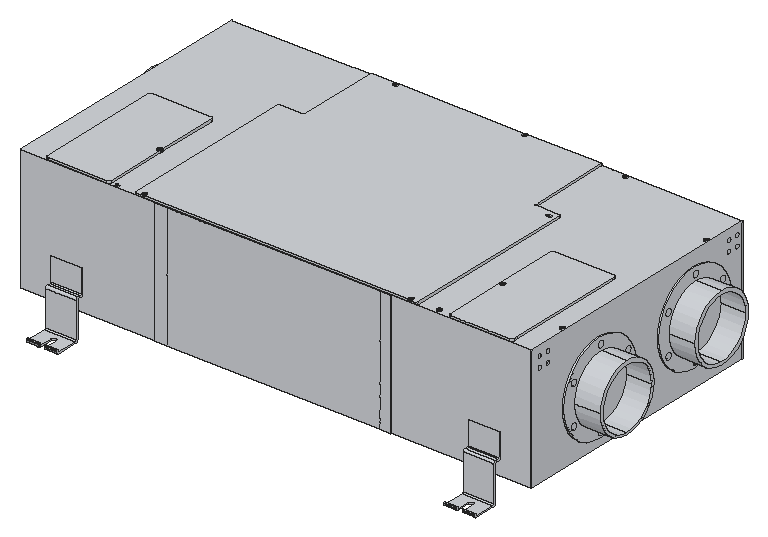
Revit family "VCR 180 MC", category Mechanical Equipment, Revit 2019
Family settings
  Round Connector Dimension = Use Diameter
  Part Type = Normal
  OmniClass Number = 23.75.00.00
  OmniClass Title = Climate Control (HVAC)
  Work Plane-Based = No
  Always vertical = Yes
  Cut with Voids When Loaded = No
  Shared = No
  Room Calculation Point = No
Reference planes
  plane 1 "Center (Front/Back)": y = 0
  plane 2: z = 0
  plane 3 "Center (Left/Right)": x = 0
  plane 4: y = 160.213
Forms (mm)
  Extrusion 1, solid
    sketch origin (0, 0, 0) x (1, 0, 0) y (0, 1, 0)
      loop
        line (346.564, 248.745) -> (346.564, 130.691)
        arc (346.564, 130.691) -> (346.831, 130.01) -> (347.491, 129.695) r 0.996
        arc (347.491, 129.695) -> (348.912, 130.933) -> (350.744, 131.378) r 3.978
        arc (350.744, 131.378) -> (353.562, 130.218) -> (354.733, 127.404) r 3.98
        arc (354.733, 127.404) -> (353.56, 124.592) -> (350.744, 123.43) r 3.985
        arc (350.744, 123.43) -> (348.909, 123.879) -> (347.487, 125.123) r 3.983
        arc (347.487, 125.123) -> (346.83, 124.803) -> (346.564, 124.123) r 1.003
        line (346.564, 124.123) -> (346.564, 6.069)
        arc (346.564, 6.069) -> (348.019, 2.552) -> (351.535, 1.094) r 4.971
        line (351.535, 1.094) -> (465.252, 1.094)
        arc (465.252, 1.094) -> (468.769, 2.552) -> (470.226, 6.069) r 4.977
        line (470.226, 6.069) -> (470.226, 12.535) -> (470.226, 242.279) -> (470.226, 248.745)
        arc (470.226, 248.745) -> (468.769, 252.26) -> (465.255, 253.717) r 4.974
        line (465.255, 253.717) -> (351.531, 253.717)
        arc (351.531, 253.717) -> (348.017, 252.261) -> (346.564, 248.745) r 4.964
      loop
        circle (350.753, 127.398) r 3.779
    from 240 to 243.725
  Extrusion 2, solid
    sketch origin (34.723, 0, 0) x (-1, 0, 0) y (0, -1, 0)
      loop
        arc (346.564, -248.745) -> (348.017, -252.261) -> (351.531, -253.717) r 4.964
        line (351.531, -253.717) -> (465.255, -253.717)
        arc (465.255, -253.717) -> (468.769, -252.26) -> (470.226, -248.745) r 4.974
        line (470.226, -248.745) -> (470.226, -242.279) -> (470.226, -12.535) -> (470.226, -6.069)
        arc (470.226, -6.069) -> (468.769, -2.552) -> (465.252, -1.094) r 4.977
        line (465.252, -1.094) -> (351.535, -1.094)
        arc (351.535, -1.094) -> (348.019, -2.552) -> (346.564, -6.069) r 4.971
        line (346.564, -6.069) -> (346.564, -124.123)
        arc (346.564, -124.123) -> (346.83, -124.803) -> (347.487, -125.123) r 1.003
        arc (347.487, -125.123) -> (348.909, -123.879) -> (350.744, -123.43) r 3.983
        arc (350.744, -123.43) -> (353.56, -124.592) -> (354.733, -127.404) r 3.985
        arc (354.733, -127.404) -> (353.562, -130.218) -> (350.744, -131.378) r 3.98
        arc (350.744, -131.378) -> (348.912, -130.933) -> (347.491, -129.695) r 3.978
        arc (347.491, -129.695) -> (346.831, -130.01) -> (346.564, -130.691) r 0.996
        line (346.564, -130.691) -> (346.564, -248.745)
      loop
        circle (350.753, -127.398) r 3.779
    from 240 to 243.725
  Extrusion 3, solid
    sketch origin (0, 0, 0) x (1, 0, 0) y (0, 1, 0)
      loop
        arc (-482.614, 512.204) -> (-483.734, 511.737) -> (-484.194, 510.614) r 1.581
        line (-484.194, 510.614) -> (-484.194, 0.458)
        arc (-484.194, 0.458) -> (-483.683, -0.573) -> (-482.61, -0.99) r 1.584
        line (-482.61, -0.99) -> (-220.836, -0.99) -> (-220.843, -1.79) -> (-198.956, -1.79) -> (214.773, -1.79) -> (236.664, -1.79) -> (236.664, -0.99) -> (507.389, -0.99)
        arc (507.389, -0.99) -> (508.51, -0.527) -> (508.973, 0.594) r 1.58
        line (508.973, 0.594) -> (508.973, 510.613)
        arc (508.973, 510.613) -> (508.508, 511.74) -> (507.381, 512.205) r 1.586
        line (507.381, 512.205) -> (256.557, 512.205) -> (256.548, 513.003) -> (184.368, 513.003) -> (168.345, 513.003) -> (132.4, 513.003) -> (132.4, 512.205) -> (112.506, 512.205) -> (112.506, 513.004) -> (-245.702, 513.004) -> (-245.702, 512.204) -> (-482.614, 512.204)
    from 0 to 240
  Extrusion 4, solid
    sketch origin (0, 0, 0) x (1, 0, 0) y (0, 1, 0)
      loop
        line (-211.389, 509.221) -> (-211.389, 349.998)
        arc (-211.389, 349.998) -> (-212.006, 348.651) -> (-213.381, 348.102) r 1.992
        line (-213.381, 348.102) -> (-259.127, 348.102)
        arc (-259.127, 348.102) -> (-260.536, 347.518) -> (-261.117, 346.108) r 1.991
        line (-261.117, 346.108) -> (-261.117, 1.99)
        arc (-261.117, 1.99) -> (-260.535, 0.583) -> (-259.127, 0) r 1.99
        line (-259.127, 0) -> (-249.482, 0)
        arc (-249.482, 0) -> (-248.713, 0.362) -> (-248.506, 1.188) r 0.992
        arc (-248.506, 1.188) -> (-249.736, 2.604) -> (-250.178, 4.428) r 3.971
        arc (-250.178, 4.428) -> (-249.014, 7.237) -> (-246.205, 8.401) r 3.976
        arc (-246.205, 8.401) -> (-243.386, 7.241) -> (-242.215, 4.428) r 3.98
        arc (-242.215, 4.428) -> (-242.659, 2.603) -> (-243.891, 1.186) r 3.975
        arc (-243.891, 1.186) -> (-243.686, 0.365) -> (-242.92, 0.002) r 0.99
        line (-242.92, 0.002) -> (267.746, 0)
        arc (267.746, 0) -> (268.5, 0.353) -> (268.72, 1.155) r 0.993
        arc (268.72, 1.155) -> (267.455, 2.579) -> (266.996, 4.428) r 3.98
        arc (266.996, 4.428) -> (268.168, 7.24) -> (270.985, 8.401) r 3.985
        arc (270.985, 8.401) -> (273.797, 7.238) -> (274.967, 4.428) r 3.983
        arc (274.967, 4.428) -> (274.503, 2.569) -> (273.225, 1.142) r 3.978
        arc (273.225, 1.142) -> (273.454, 0.345) -> (274.209, 0) r 0.993
        line (274.209, 0) -> (283.901, 0)
        arc (283.901, 0) -> (285.313, 0.581) -> (285.9, 1.991) r 1.995
        line (285.9, 1.991) -> (285.9, 346.115)
        arc (285.9, 346.115) -> (285.316, 347.52) -> (283.909, 348.102) r 1.991
        line (283.909, 348.102) -> (238.156, 348.102)
        arc (238.156, 348.102) -> (236.751, 348.685) -> (236.169, 350.09) r 1.986
        line (236.169, 350.09) -> (236.169, 509.221)
        arc (236.169, 509.221) -> (235.586, 510.629) -> (234.177, 511.21) r 1.987
        line (234.177, 511.21) -> (91.756, 511.21) -> (91.756, 510.388)
        arc (91.756, 510.388) -> (93.004, 508.968) -> (93.454, 507.131) r 3.975
        arc (93.454, 507.131) -> (92.283, 504.318) -> (89.465, 503.157) r 3.98
        arc (89.465, 503.157) -> (86.656, 504.322) -> (85.491, 507.131) r 3.976
        arc (85.491, 507.131) -> (85.938, 508.963) -> (87.179, 510.383) r 3.971
        line (87.179, 510.383) -> (87.179, 511.21) -> (-158.876, 511.21) -> (-158.876, 510.387)
        arc (-158.876, 510.387) -> (-157.63, 508.966) -> (-157.18, 507.131) r 3.975
        arc (-157.18, 507.131) -> (-158.351, 504.318) -> (-161.169, 503.157) r 3.98
        arc (-161.169, 503.157) -> (-163.978, 504.322) -> (-165.143, 507.131) r 3.976
        arc (-165.143, 507.131) -> (-164.695, 508.965) -> (-163.452, 510.385) r 3.971
        line (-163.452, 510.385) -> (-163.452, 511.21) -> (-209.402, 511.21)
        arc (-209.402, 511.21) -> (-210.808, 510.627) -> (-211.389, 509.221) r 1.987
      loop
        arc (274.75, 4.428) -> (273.649, 7.093) -> (270.986, 8.2) r 3.769
        arc (270.986, 8.2) -> (268.312, 7.099) -> (267.206, 4.428) r 3.768
        arc (267.206, 4.428) -> (268.312, 1.757) -> (270.986, 0.656) r 3.768
        arc (270.986, 0.656) -> (273.649, 1.763) -> (274.75, 4.428) r 3.769
      loop
        arc (270.63, 3.393) -> (270.198, 3.623) -> (269.859, 3.974) r 1.565
        line (269.859, 3.974) -> (268.834, 3.974) -> (268.834, 4.774) -> (269.96, 4.774)
        arc (269.96, 4.774) -> (270.158, 5.248) -> (270.49, 5.64) r 1.681
        line (270.49, 5.64) -> (270.49, 6.567) -> (271.327, 6.567) -> (271.327, 5.441)
        arc (271.327, 5.441) -> (271.733, 5.183) -> (271.987, 4.774) r 1.082
        line (271.987, 4.774) -> (273.115, 4.774) -> (273.115, 3.974) -> (272.142, 3.974)
        arc (272.142, 3.974) -> (271.862, 3.58) -> (271.468, 3.3) r 1.45
        line (271.468, 3.3) -> (271.468, 2.288) -> (270.63, 2.288) -> (270.63, 3.292)
      loop
        arc (-246.198, 8.2) -> (-248.867, 7.097) -> (-249.97, 4.428) r 3.766
        arc (-249.97, 4.428) -> (-248.867, 1.759) -> (-246.198, 0.656) r 3.766
        arc (-246.198, 0.656) -> (-243.531, 1.76) -> (-242.426, 4.428) r 3.771
        arc (-242.426, 4.428) -> (-243.531, 7.095) -> (-246.198, 8.2) r 3.771
      loop
        line (-248.339, 4.901) -> (-248.339, 4.078) -> (-247.211, 4.078)
        arc (-247.211, 4.078) -> (-246.956, 3.669) -> (-246.548, 3.413) r 1.076
        line (-246.548, 3.413) -> (-246.548, 2.288) -> (-245.732, 2.288) -> (-245.732, 3.315)
        arc (-245.732, 3.315) -> (-245.426, 3.613) -> (-245.239, 3.997) r 1.246
        line (-245.239, 3.997) -> (-244.062, 3.997) -> (-244.062, 4.813) -> (-245.201, 4.813)
        arc (-245.201, 4.813) -> (-245.416, 5.156) -> (-245.741, 5.397) r 1.085
        line (-245.741, 5.397) -> (-245.741, 6.567) -> (-246.548, 6.567) -> (-246.548, 5.44)
        arc (-246.548, 5.44) -> (-246.905, 5.231) -> (-247.155, 4.901) r 1.064
        line (-247.155, 4.901) -> (-248.339, 4.901)
      loop
        arc (-157.392, 507.131) -> (-158.496, 509.799) -> (-161.164, 510.903) r 3.771
        arc (-161.164, 510.903) -> (-163.833, 509.8) -> (-164.936, 507.131) r 3.766
        arc (-164.936, 507.131) -> (-163.831, 504.464) -> (-161.164, 503.359) r 3.771
        arc (-161.164, 503.359) -> (-158.498, 504.465) -> (-157.392, 507.131) r 3.776
      loop
        line (-163.3, 507.484) -> (-163.3, 506.668) -> (-162.12, 506.668)
        arc (-162.12, 506.668) -> (-161.864, 506.34) -> (-161.51, 506.122) r 1.163
        line (-161.51, 506.122) -> (-161.513, 504.999) -> (-160.732, 504.999) -> (-160.732, 506.025)
        arc (-160.732, 506.025) -> (-160.335, 506.294) -> (-160.067, 506.691) r 1.266
        line (-160.067, 506.691) -> (-159.024, 506.691) -> (-159.024, 507.48) -> (-160.15, 507.48)
        arc (-160.15, 507.48) -> (-160.368, 507.829) -> (-160.69, 508.085) r 1.218
        line (-160.69, 508.085) -> (-160.69, 509.269) -> (-161.51, 509.269) -> (-161.51, 508.146)
        arc (-161.51, 508.146) -> (-161.909, 507.88) -> (-162.175, 507.48) r 1.214
        line (-162.175, 507.48) -> (-163.3, 507.484)
      loop
        arc (93.239, 507.131) -> (92.138, 509.796) -> (89.475, 510.903) r 3.769
        arc (89.475, 510.903) -> (86.802, 509.802) -> (85.696, 507.131) r 3.768
        arc (85.696, 507.131) -> (86.803, 504.462) -> (89.475, 503.359) r 3.773
        arc (89.475, 503.359) -> (92.137, 504.467) -> (93.239, 507.131) r 3.774
      loop
        arc (88.459, 506.785) -> (88.654, 506.315) -> (89.124, 506.12) r 0.665
        line (89.124, 506.12) -> (89.109, 504.828) -> (89.975, 504.828) -> (89.975, 506.049)
        arc (89.975, 506.049) -> (90.324, 506.295) -> (90.57, 506.644) r 1.258
        line (90.57, 506.644) -> (91.604, 506.644) -> (91.604, 507.48) -> (90.553, 507.48)
        arc (90.553, 507.48) -> (90.279, 507.802) -> (89.957, 508.076) r 2.596
        line (89.957, 508.076) -> (89.957, 509.27) -> (89.124, 509.27) -> (89.124, 508.143)
        arc (89.124, 508.143) -> (88.771, 507.944) -> (88.519, 507.626) r 1.064
        line (88.519, 507.626) -> (87.194, 507.626) -> (87.194, 506.785) -> (88.459, 506.785)
    from 240 to 243.725
  Extrusion 5, solid
    sketch origin (0, 0, 0) x (0, 1, 0) y (0, 0, 1)
      loop
        line (-10.498, 27.821) -> (-3.644, 27.824)
        arc (-3.644, 27.824) -> (-0.833, 28.987) -> (0.33, 31.798) r 3.971
        line (0.33, 31.798) -> (0.33, 76.56) -> (-1.649, 76.56) -> (-1.649, 31.804)
        arc (-1.649, 31.804) -> (-2.168, 30.41) -> (-3.535, 29.824) r 1.889
        line (-3.535, 29.824) -> (-10.605, 29.816)
        arc (-10.605, 29.816) -> (-13.415, 28.651) -> (-14.58, 25.842) r 3.977
        line (-14.58, 25.842) -> (-14.586, -43.284)
        arc (-14.586, -43.284) -> (-15.167, -44.69) -> (-16.572, -45.272) r 1.986
        line (-16.572, -45.272) -> (-57.348, -45.272)
        arc (-57.348, -45.272) -> (-58.752, -44.688) -> (-59.333, -43.287) r 1.982
        line (-59.333, -43.287) -> (-59.336, -40.799) -> (-61.327, -40.8) -> (-61.327, -43.288)
        arc (-61.327, -43.288) -> (-60.163, -46.099) -> (-57.351, -47.264) r 3.976
        line (-57.351, -47.264) -> (-16.571, -47.264)
        arc (-16.571, -47.264) -> (-13.758, -46.098) -> (-12.595, -43.284) r 3.976
        line (-12.595, -43.284) -> (-12.595, 25.837)
        arc (-12.595, 25.837) -> (-11.973, 27.281) -> (-10.498, 27.821) r 1.986
    from 387.736 to 447.411
  Extrusion 6, solid
    sketch origin (0, 511.214, 0) x (0, -1, 0) y (0, 0, -1)
      loop
        arc (-10.498, -27.821) -> (-11.973, -27.281) -> (-12.595, -25.837) r 1.986
        line (-12.595, -25.837) -> (-12.595, 43.284)
        arc (-12.595, 43.284) -> (-13.758, 46.098) -> (-16.571, 47.264) r 3.976
        line (-16.571, 47.264) -> (-57.351, 47.264)
        arc (-57.351, 47.264) -> (-60.163, 46.099) -> (-61.327, 43.288) r 3.976
        line (-61.327, 43.288) -> (-61.327, 40.8) -> (-59.336, 40.799) -> (-59.333, 43.287)
        arc (-59.333, 43.287) -> (-58.752, 44.688) -> (-57.348, 45.272) r 1.982
        line (-57.348, 45.272) -> (-16.572, 45.272)
        arc (-16.572, 45.272) -> (-15.167, 44.69) -> (-14.586, 43.284) r 1.986
        line (-14.586, 43.284) -> (-14.58, -25.842)
        arc (-14.58, -25.842) -> (-13.415, -28.651) -> (-10.605, -29.816) r 3.977
        line (-10.605, -29.816) -> (-3.535, -29.824)
        arc (-3.535, -29.824) -> (-2.168, -30.41) -> (-1.649, -31.804) r 1.889
        line (-1.649, -31.804) -> (-1.649, -76.56) -> (0.33, -76.56) -> (0.33, -31.798)
        arc (0.33, -31.798) -> (-0.833, -28.987) -> (-3.644, -27.824) r 3.971
        line (-3.644, -27.824) -> (-10.498, -27.821)
    from 387.948 to 447.623
  Extrusion 7, solid
    sketch origin (-810.794, 0, 0) x (0, 1, 0) y (0, 0, 1)
      loop
        line (-10.498, 27.821) -> (-3.644, 27.824)
        arc (-3.644, 27.824) -> (-0.833, 28.987) -> (0.33, 31.798) r 3.971
        line (0.33, 31.798) -> (0.33, 76.56) -> (-1.649, 76.56) -> (-1.649, 31.804)
        arc (-1.649, 31.804) -> (-2.168, 30.41) -> (-3.535, 29.824) r 1.889
        line (-3.535, 29.824) -> (-10.605, 29.816)
        arc (-10.605, 29.816) -> (-13.415, 28.651) -> (-14.58, 25.842) r 3.977
        line (-14.58, 25.842) -> (-14.586, -43.284)
        arc (-14.586, -43.284) -> (-15.167, -44.69) -> (-16.572, -45.272) r 1.986
        line (-16.572, -45.272) -> (-57.348, -45.272)
        arc (-57.348, -45.272) -> (-58.752, -44.688) -> (-59.333, -43.287) r 1.982
        line (-59.333, -43.287) -> (-59.336, -40.799) -> (-61.327, -40.8) -> (-61.327, -43.288)
        arc (-61.327, -43.288) -> (-60.163, -46.099) -> (-57.351, -47.264) r 3.976
        line (-57.351, -47.264) -> (-16.571, -47.264)
        arc (-16.571, -47.264) -> (-13.758, -46.098) -> (-12.595, -43.284) r 3.976
        line (-12.595, -43.284) -> (-12.595, 25.837)
        arc (-12.595, 25.837) -> (-11.973, 27.281) -> (-10.498, 27.821) r 1.986
    from 387.736 to 447.411
  Extrusion 8, solid
    sketch origin (-810.794, 511.214, 0) x (0, -1, 0) y (0, 0, -1)
      loop
        arc (-10.498, -27.821) -> (-11.973, -27.281) -> (-12.595, -25.837) r 1.986
        line (-12.595, -25.837) -> (-12.595, 43.284)
        arc (-12.595, 43.284) -> (-13.758, 46.098) -> (-16.571, 47.264) r 3.976
        line (-16.571, 47.264) -> (-57.351, 47.264)
        arc (-57.351, 47.264) -> (-60.163, 46.099) -> (-61.327, 43.288) r 3.976
        line (-61.327, 43.288) -> (-61.327, 40.8) -> (-59.336, 40.799) -> (-59.333, 43.287)
        arc (-59.333, 43.287) -> (-58.752, 44.688) -> (-57.348, 45.272) r 1.982
        line (-57.348, 45.272) -> (-16.572, 45.272)
        arc (-16.572, 45.272) -> (-15.167, 44.69) -> (-14.586, 43.284) r 1.986
        line (-14.586, 43.284) -> (-14.58, -25.842)
        arc (-14.58, -25.842) -> (-13.415, -28.651) -> (-10.605, -29.816) r 3.977
        line (-10.605, -29.816) -> (-3.535, -29.824)
        arc (-3.535, -29.824) -> (-2.168, -30.41) -> (-1.649, -31.804) r 1.889
        line (-1.649, -31.804) -> (-1.649, -76.56) -> (0.33, -76.56) -> (0.33, -31.798)
        arc (0.33, -31.798) -> (-0.833, -28.987) -> (-3.644, -27.824) r 3.971
        line (-3.644, -27.824) -> (-10.498, -27.821)
    from 387.948 to 447.623
  Extrusion 9, void
    sketch origin (830.644, 1085.936, -41.201) x (0, -1, 0.00078) y (-1, 0, 0)
      loop
        arc (543.804, 407.887) -> (548.773, 412.847) -> (543.815, 417.831) r 4.965
        line (543.815, 417.831) -> (518.775, 417.831)
        arc (518.775, 417.831) -> (518.01, 417.979) -> (517.367, 418.418) r 1.932
        line (517.367, 418.418) -> (515.963, 419.822) -> (505.427, 419.822) -> (505.427, 405.896) -> (515.964, 405.896) -> (517.367, 407.307)
        arc (517.367, 407.307) -> (518.013, 407.737) -> (518.775, 407.887) r 1.988
        line (518.775, 407.887) -> (543.804, 407.887)
    from -26.554 to 52.604
  Extrusion 10, void
    sketch origin (19.829, 1086.444, -41.201) x (0, -1, 0.00078) y (-1, 0, 0)
      loop
        arc (543.804, 407.887) -> (548.773, 412.847) -> (543.815, 417.831) r 4.965
        line (543.815, 417.831) -> (518.775, 417.831)
        arc (518.775, 417.831) -> (518.01, 417.979) -> (517.367, 418.418) r 1.932
        line (517.367, 418.418) -> (515.963, 419.822) -> (505.427, 419.822) -> (505.427, 405.896) -> (515.964, 405.896) -> (517.367, 407.307)
        arc (517.367, 407.307) -> (518.013, 407.737) -> (518.775, 407.887) r 1.988
        line (518.775, 407.887) -> (543.804, 407.887)
    from -26.554 to 52.604
  Extrusion 11, void
    sketch origin (19.829, -577.796, -41.201) x (0, 1, 0.00078) y (1, 0, 0)
      loop
        line (543.804, -407.887) -> (518.775, -407.887)
        arc (518.775, -407.887) -> (518.013, -407.737) -> (517.367, -407.307) r 1.988
        line (517.367, -407.307) -> (515.964, -405.896) -> (505.427, -405.896) -> (505.427, -419.822) -> (515.963, -419.822) -> (517.367, -418.418)
        arc (517.367, -418.418) -> (518.01, -417.979) -> (518.775, -417.831) r 1.932
        line (518.775, -417.831) -> (543.815, -417.831)
        arc (543.815, -417.831) -> (548.773, -412.847) -> (543.804, -407.887) r 4.965
    from -26.554 to 52.604
  Extrusion 12, void
    sketch origin (830.454, -577.796, -41.201) x (0, 1, 0.00078) y (1, 0, 0)
      loop
        line (543.804, -407.887) -> (518.775, -407.887)
        arc (518.775, -407.887) -> (518.013, -407.737) -> (517.367, -407.307) r 1.988
        line (517.367, -407.307) -> (515.964, -405.896) -> (505.427, -405.896) -> (505.427, -419.822) -> (515.963, -419.822) -> (517.367, -418.418)
        arc (517.367, -418.418) -> (518.01, -417.979) -> (518.775, -417.831) r 1.932
        line (518.775, -417.831) -> (543.815, -417.831)
        arc (543.815, -417.831) -> (548.773, -412.847) -> (543.804, -407.887) r 4.965
    from -26.554 to 52.604
  Extrusion 13, void
    sketch origin (0, 0, 0) x (1, 0, 0) y (0, 1, 0)
      loop
        line (348.615, 127.819) -> (348.615, 126.988) -> (349.742, 127.025)
        arc (349.742, 127.025) -> (350.018, 126.627) -> (350.433, 126.38) r 1.134
        line (350.433, 126.38) -> (350.456, 125.254) -> (351.274, 125.278) -> (351.239, 126.463)
        arc (351.239, 126.463) -> (351.632, 126.699) -> (351.99, 126.985) r 3.486
        line (351.99, 126.985) -> (352.868, 126.985) -> (352.868, 127.823) -> (351.725, 127.823)
        arc (351.725, 127.823) -> (351.495, 128.158) -> (351.161, 128.388) r 1.115
        line (351.161, 128.388) -> (351.161, 129.531) -> (350.324, 129.531) -> (350.363, 128.406)
        arc (350.363, 128.406) -> (350.001, 128.172) -> (349.755, 127.819) r 1.124
        line (349.755, 127.819) -> (348.615, 127.819)
    from 243.115 to 244.421
  Extrusion 14, solid
    sketch origin (0, 0, 0) x (1, 0, 0) y (0, 1, 0)
      loop
        arc (350.744, 131.378) -> (347.93, 130.215) -> (346.762, 127.404) r 3.978
        arc (346.762, 127.404) -> (347.932, 124.594) -> (350.744, 123.43) r 3.983
        arc (350.744, 123.43) -> (353.56, 124.592) -> (354.733, 127.404) r 3.985
        arc (354.733, 127.404) -> (353.562, 130.218) -> (350.744, 131.378) r 3.98
    from 243.725 to 243.337
  Extrusion 15, void
    sketch origin (-24.946, -122.966, 0) x (1, 0, 0) y (0, 1, 0)
      loop
        line (348.615, 127.819) -> (348.615, 126.988) -> (349.742, 127.025)
        arc (349.742, 127.025) -> (350.018, 126.627) -> (350.433, 126.38) r 1.134
        line (350.433, 126.38) -> (350.456, 125.254) -> (351.274, 125.278) -> (351.239, 126.463)
        arc (351.239, 126.463) -> (351.632, 126.699) -> (351.99, 126.985) r 3.486
        line (351.99, 126.985) -> (352.868, 126.985) -> (352.868, 127.823) -> (351.725, 127.823)
        arc (351.725, 127.823) -> (351.495, 128.158) -> (351.161, 128.388) r 1.115
        line (351.161, 128.388) -> (351.161, 129.531) -> (350.324, 129.531) -> (350.363, 128.406)
        arc (350.363, 128.406) -> (350.001, 128.172) -> (349.755, 127.819) r 1.124
        line (349.755, 127.819) -> (348.615, 127.819)
    from 243.115 to 244.421
  Extrusion 16, solid
    sketch origin (-24.946, -122.966, 0) x (1, 0, 0) y (0, 1, 0)
      loop
        arc (350.744, 131.378) -> (347.93, 130.215) -> (346.762, 127.404) r 3.978
        arc (346.762, 127.404) -> (347.932, 124.594) -> (350.744, 123.43) r 3.983
        arc (350.744, 123.43) -> (353.56, 124.592) -> (354.733, 127.404) r 3.985
        arc (354.733, 127.404) -> (353.562, 130.218) -> (350.744, 131.378) r 3.98
    from 244.09 to 243.115
  Extrusion 17, solid
    sketch origin (0, 0, 0) x (1, 0, 0) y (0, 1, 0)
      loop
        arc (270.978, 337.459) -> (268.694, 335.171) -> (270.983, 332.887) r 2.286
        line (270.983, 332.887) -> (275.95, 332.887)
        arc (275.95, 332.887) -> (278.239, 335.169) -> (275.945, 337.459) r 2.284
        line (275.945, 337.459) -> (270.978, 337.459)
    from 240 to 243.725
  Extrusion 18, void
    sketch origin (0, 0, 0) x (1, 0, 0) y (0, 1, 0)
      loop
        arc (273.462, 337.009) -> (272.232, 336.501) -> (271.724, 335.271) r 1.736
        arc (271.724, 335.271) -> (272.232, 334.041) -> (273.462, 333.532) r 1.736
        arc (273.462, 333.532) -> (274.696, 334.04) -> (275.209, 335.271) r 1.742
        arc (275.209, 335.271) -> (274.696, 336.502) -> (273.462, 337.009) r 1.742
    from 238.389 to 250
  Extrusion 19, void
    sketch origin (0, 0, 0) x (1, 0, 0) y (0, 1, 0)
      loop
        arc (-316.368, 128.815) -> (-316.721, 128.588) -> (-316.98, 128.257) r 1.257
        line (-316.98, 128.257) -> (-318.158, 128.257) -> (-318.158, 127.454) -> (-317.032, 127.454)
        arc (-317.032, 127.454) -> (-316.806, 127.101) -> (-316.477, 126.842) r 1.257
        line (-316.477, 126.842) -> (-316.477, 125.662) -> (-315.673, 125.662) -> (-315.673, 126.79)
        arc (-315.673, 126.79) -> (-315.206, 126.978) -> (-314.847, 127.332) r 1.28
        line (-314.847, 127.332) -> (-313.878, 127.332) -> (-313.878, 128.152) -> (-314.905, 128.152)
        arc (-314.905, 128.152) -> (-315.173, 128.548) -> (-315.568, 128.815) r 1.257
        line (-315.568, 128.815) -> (-315.568, 129.943) -> (-316.368, 129.943) -> (-316.368, 128.815)
    from 243.39 to 244.145
  Extrusion 20, solid
    sketch origin (0, 0, 0) x (1, 0, 0) y (0, 1, 0)
      loop
        arc (-303.724, 4.428) -> (-302.619, 1.76) -> (-299.952, 0.656) r 3.771
        arc (-299.952, 0.656) -> (-297.284, 1.76) -> (-296.18, 4.428) r 3.771
        arc (-296.18, 4.428) -> (-297.284, 7.095) -> (-299.952, 8.2) r 3.771
        arc (-299.952, 8.2) -> (-302.619, 7.095) -> (-303.724, 4.428) r 3.771
    from 237.631 to 240
  Extrusion 21, void
    sketch origin (0, 0, 0) x (1, 0, 0) y (0, 1, 0)
      loop
        arc (-300.419, 5.444) -> (-300.88, 5.205) -> (-301.17, 4.774) r 1.05
        line (-301.17, 4.774) -> (-302.092, 4.776) -> (-302.092, 3.938) -> (-301.17, 3.938)
        arc (-301.17, 3.938) -> (-300.836, 3.47) -> (-300.305, 3.248) r 1.05
        line (-300.305, 3.248) -> (-300.305, 2.288) -> (-299.494, 2.288) -> (-299.494, 3.302)
        arc (-299.494, 3.302) -> (-299.104, 3.549) -> (-298.858, 3.938) r 1.05
        line (-298.858, 3.938) -> (-297.821, 3.938) -> (-297.821, 4.774) -> (-298.858, 4.774)
        arc (-298.858, 4.774) -> (-299.148, 5.205) -> (-299.61, 5.444) r 1.05
        line (-299.61, 5.444) -> (-299.61, 6.567) -> (-300.419, 6.567) -> (-300.419, 5.444)
    from 237.631 to 241.732
  Extrusion 22, solid
    sketch origin (0, 0, 0) x (1, 0, 0) y (0, 1, 0)
      loop
        arc (285.591, 510.557) -> (282.922, 509.454) -> (281.819, 506.785) r 3.766
        arc (281.819, 506.785) -> (282.922, 504.116) -> (285.591, 503.013) r 3.766
        arc (285.591, 503.013) -> (288.258, 504.118) -> (289.363, 506.785) r 3.771
        arc (289.363, 506.785) -> (288.258, 509.452) -> (285.591, 510.557) r 3.771
    from 237.422 to 240.758
  Extrusion 23, void
    sketch origin (0, 0, 0) x (1, 0, 0) y (0, 1, 0)
      loop
        line (286.117, 508.922) -> (285.241, 508.922) -> (285.241, 507.994)
        arc (285.241, 507.994) -> (284.887, 507.697) -> (284.776, 507.25) r 0.745
        line (284.776, 507.25) -> (283.454, 507.25) -> (283.454, 506.435) -> (284.762, 506.435)
        arc (284.762, 506.435) -> (284.832, 506.023) -> (285.107, 505.708) r 0.774
        line (285.107, 505.708) -> (285.107, 504.645) -> (285.94, 504.645) -> (285.94, 505.589)
        arc (285.94, 505.589) -> (286.395, 505.83) -> (286.599, 506.304) r 0.774
        line (286.599, 506.304) -> (287.727, 506.304) -> (287.727, 507.131) -> (286.599, 507.131)
        arc (286.599, 507.131) -> (286.454, 507.533) -> (286.117, 507.797) r 0.774
        line (286.117, 507.797) -> (286.117, 508.922)
    from 236.043 to 247.813
  Extrusion 24, solid
    sketch origin (217.725, -76.631, 0) x (1, 0, 0) y (0, 1, 0)
      loop
        arc (285.591, 510.557) -> (282.922, 509.454) -> (281.819, 506.785) r 3.766
        arc (281.819, 506.785) -> (282.922, 504.116) -> (285.591, 503.013) r 3.766
        arc (285.591, 503.013) -> (288.258, 504.118) -> (289.363, 506.785) r 3.771
        arc (289.363, 506.785) -> (288.258, 509.452) -> (285.591, 510.557) r 3.771
    from 237.422 to 240.922
  Extrusion 25, void
    sketch origin (217.725, -76.631, 0) x (1, 0, 0) y (0, 1, 0)
      loop
        line (286.117, 508.922) -> (285.241, 508.922) -> (285.241, 507.994)
        arc (285.241, 507.994) -> (284.887, 507.697) -> (284.776, 507.25) r 0.745
        line (284.776, 507.25) -> (283.454, 507.25) -> (283.454, 506.435) -> (284.762, 506.435)
        arc (284.762, 506.435) -> (284.832, 506.023) -> (285.107, 505.708) r 0.774
        line (285.107, 505.708) -> (285.107, 504.645) -> (285.94, 504.645) -> (285.94, 505.589)
        arc (285.94, 505.589) -> (286.395, 505.83) -> (286.599, 506.304) r 0.774
        line (286.599, 506.304) -> (287.727, 506.304) -> (287.727, 507.131) -> (286.599, 507.131)
        arc (286.599, 507.131) -> (286.454, 507.533) -> (286.117, 507.797) r 0.774
        line (286.117, 507.797) -> (286.117, 508.922)
    from 236.043 to 247.813
  Extrusion 26, solid
    sketch origin (217.725, -425.73, 0) x (1, 0, 0) y (0, 1, 0)
      loop
        arc (285.591, 510.557) -> (282.922, 509.454) -> (281.819, 506.785) r 3.766
        arc (281.819, 506.785) -> (282.922, 504.116) -> (285.591, 503.013) r 3.766
        arc (285.591, 503.013) -> (288.258, 504.118) -> (289.363, 506.785) r 3.771
        arc (289.363, 506.785) -> (288.258, 509.452) -> (285.591, 510.557) r 3.771
    from 237.422 to 240.922
  Extrusion 27, void
    sketch origin (217.725, -425.73, 0) x (1, 0, 0) y (0, 1, 0)
      loop
        line (286.117, 508.922) -> (285.241, 508.922) -> (285.241, 507.994)
        arc (285.241, 507.994) -> (284.887, 507.697) -> (284.776, 507.25) r 0.745
        line (284.776, 507.25) -> (283.454, 507.25) -> (283.454, 506.435) -> (284.762, 506.435)
        arc (284.762, 506.435) -> (284.832, 506.023) -> (285.107, 505.708) r 0.774
        line (285.107, 505.708) -> (285.107, 504.645) -> (285.94, 504.645) -> (285.94, 505.589)
        arc (285.94, 505.589) -> (286.395, 505.83) -> (286.599, 506.304) r 0.774
        line (286.599, 506.304) -> (287.727, 506.304) -> (287.727, 507.131) -> (286.599, 507.131)
        arc (286.599, 507.131) -> (286.454, 507.533) -> (286.117, 507.797) r 0.774
        line (286.117, 507.797) -> (286.117, 508.922)
    from 236.043 to 247.813
  Extrusion 28, solid
    sketch origin (0, 33.878, 0) x (0, 1, 0) y (0, 0, 1)
      loop
        arc (125.912, 193.983) -> (64.025, 168.348) -> (38.39, 106.461) r 87.523
        arc (38.39, 106.461) -> (64.025, 44.571) -> (125.912, 18.936) r 87.523
        arc (125.912, 18.936) -> (187.801, 44.571) -> (213.436, 106.459) r 87.523
        arc (213.436, 106.459) -> (187.801, 168.348) -> (125.912, 193.983) r 87.523
    from 514.194 to 508.973
  Extrusion 29, solid
    sketch origin (0, 264.377, 20.861) x (0, 1, 0) y (0, 0, 1)
      loop
        arc (125.912, 193.983) -> (64.025, 168.348) -> (38.39, 106.461) r 87.523
        arc (38.39, 106.461) -> (64.025, 44.571) -> (125.912, 18.936) r 87.523
        arc (125.912, 18.936) -> (187.801, 44.571) -> (213.436, 106.459) r 87.523
        arc (213.436, 106.459) -> (187.801, 168.348) -> (125.912, 193.983) r 87.523
    from 514.194 to 508.973
  Extrusion 30, solid
    sketch origin (0, 36.724, 0) x (0, 1, 0) y (0, 0, 1)
      loop
        arc (187.922, 106.463) -> (169.047, 152.019) -> (123.489, 170.888) r 64.432
        arc (123.489, 170.888) -> (77.931, 152.019) -> (59.056, 106.463) r 64.432
        arc (59.056, 106.463) -> (77.928, 60.902) -> (123.489, 42.03) r 64.433
        arc (123.489, 42.03) -> (169.05, 60.902) -> (187.922, 106.463) r 64.433
    from 514.194 to 565.917
  Extrusion 31, solid
    sketch origin (0, 266.449, 20.855) x (0, 1, 0) y (0, 0, 1)
      loop
        arc (187.922, 106.463) -> (169.047, 152.019) -> (123.489, 170.888) r 64.432
        arc (123.489, 170.888) -> (77.931, 152.019) -> (59.056, 106.463) r 64.432
        arc (59.056, 106.463) -> (77.928, 60.902) -> (123.489, 42.03) r 64.433
        arc (123.489, 42.03) -> (169.05, 60.902) -> (187.922, 106.463) r 64.433
    from 514.194 to 565.917
  Extrusion 32, void
    sketch origin (0, 36.724, -1.3) x (0, 1, 0) y (0, 0, 1)
      loop
        arc (182.574, 106.457) -> (165.267, 148.235) -> (123.489, 165.542) r 59.091
        arc (123.489, 165.542) -> (81.709, 148.236) -> (64.404, 106.457) r 59.086
        arc (64.404, 106.457) -> (81.708, 64.676) -> (123.489, 47.372) r 59.081
        arc (123.489, 47.372) -> (165.268, 64.677) -> (182.574, 106.457) r 59.086
    from 516.153 to 565.917
  Extrusion 33, void
    sketch origin (0, 266.283, 20.527) x (0, 1, 0) y (0, 0, 1)
      loop
        arc (182.574, 106.457) -> (165.267, 148.235) -> (123.489, 165.542) r 59.091
        arc (123.489, 165.542) -> (81.709, 148.236) -> (64.404, 106.457) r 59.086
        arc (64.404, 106.457) -> (81.708, 64.676) -> (123.489, 47.372) r 59.081
        arc (123.489, 47.372) -> (165.268, 64.677) -> (182.574, 106.457) r 59.086
    from 516.153 to 565.917
  Extrusion 34, solid
    sketch origin (0, 36.299, -0.625) x (0, 1, 0) y (0, 0, 1)
      loop
        arc (123.489, 187.956) -> (119.665, 186.37) -> (118.079, 182.546) r 5.414
        arc (118.079, 182.546) -> (119.662, 178.719) -> (123.489, 177.137) r 5.404
        arc (123.489, 177.137) -> (127.313, 178.72) -> (128.891, 182.546) r 5.397
        arc (128.891, 182.546) -> (127.31, 186.369) -> (123.489, 187.956) r 5.407
    from 514.194 to 515.7
  Extrusion 35, void
    sketch origin (0, 36.299, -0.625) x (0, 1, 0) y (0, 0, 1)
      loop
        arc (122.331, 182.083) -> (122.682, 181.625) -> (123.14, 181.275) r 2.186
        line (123.14, 181.275) -> (123.14, 180.404) -> (123.968, 180.404) -> (123.968, 181.386)
        arc (123.968, 181.386) -> (124.349, 181.714) -> (124.499, 182.194) r 0.912
        line (124.499, 182.194) -> (125.625, 182.191) -> (125.625, 182.991) -> (124.625, 182.991)
        arc (124.625, 182.991) -> (124.324, 183.404) -> (123.835, 183.555) r 0.81
        line (123.835, 183.555) -> (123.838, 184.68) -> (123.025, 184.68) -> (123.025, 183.656)
        arc (123.025, 183.656) -> (122.649, 183.345) -> (122.474, 182.889) r 0.958
        line (122.474, 182.889) -> (121.349, 182.892) -> (121.349, 182.083) -> (122.331, 182.083)
    from 515.45 to 516.153
  Extrusion 36, solid
    sketch origin (0, 102.254, -38.665) x (0, 1, 0) y (0, 0, 1)
      loop
        arc (123.489, 187.956) -> (119.665, 186.37) -> (118.079, 182.546) r 5.414
        arc (118.079, 182.546) -> (119.662, 178.719) -> (123.489, 177.137) r 5.404
        arc (123.489, 177.137) -> (127.313, 178.72) -> (128.891, 182.546) r 5.397
        arc (128.891, 182.546) -> (127.31, 186.369) -> (123.489, 187.956) r 5.407
    from 514.194 to 515.7
  Extrusion 37, void
    sketch origin (0, 102.254, -38.665) x (0, 1, 0) y (0, 0, 1)
      loop
        arc (122.331, 182.083) -> (122.682, 181.625) -> (123.14, 181.275) r 2.186
        line (123.14, 181.275) -> (123.14, 180.404) -> (123.968, 180.404) -> (123.968, 181.386)
        arc (123.968, 181.386) -> (124.349, 181.714) -> (124.499, 182.194) r 0.912
        line (124.499, 182.194) -> (125.625, 182.191) -> (125.625, 182.991) -> (124.625, 182.991)
        arc (124.625, 182.991) -> (124.324, 183.404) -> (123.835, 183.555) r 0.81
        line (123.835, 183.555) -> (123.838, 184.68) -> (123.025, 184.68) -> (123.025, 183.656)
        arc (123.025, 183.656) -> (122.649, 183.345) -> (122.474, 182.889) r 0.958
        line (122.474, 182.889) -> (121.349, 182.892) -> (121.349, 182.083) -> (122.331, 182.083)
    from 515.45 to 516.153
  Extrusion 38, solid
    sketch origin (0, 102.254, -114.755) x (0, 1, 0) y (0, 0, 1)
      loop
        arc (123.489, 187.956) -> (119.665, 186.37) -> (118.079, 182.546) r 5.414
        arc (118.079, 182.546) -> (119.662, 178.719) -> (123.489, 177.137) r 5.404
        arc (123.489, 177.137) -> (127.313, 178.72) -> (128.891, 182.546) r 5.397
        arc (128.891, 182.546) -> (127.31, 186.369) -> (123.489, 187.956) r 5.407
    from 514.194 to 515.7
  Extrusion 39, void
    sketch origin (0, 102.254, -114.755) x (0, 1, 0) y (0, 0, 1)
      loop
        arc (122.331, 182.083) -> (122.682, 181.625) -> (123.14, 181.275) r 2.186
        line (123.14, 181.275) -> (123.14, 180.404) -> (123.968, 180.404) -> (123.968, 181.386)
        arc (123.968, 181.386) -> (124.349, 181.714) -> (124.499, 182.194) r 0.912
        line (124.499, 182.194) -> (125.625, 182.191) -> (125.625, 182.991) -> (124.625, 182.991)
        arc (124.625, 182.991) -> (124.324, 183.404) -> (123.835, 183.555) r 0.81
        line (123.835, 183.555) -> (123.838, 184.68) -> (123.025, 184.68) -> (123.025, 183.656)
        arc (123.025, 183.656) -> (122.649, 183.345) -> (122.474, 182.889) r 0.958
        line (122.474, 182.889) -> (121.349, 182.892) -> (121.349, 182.083) -> (122.331, 182.083)
    from 515.45 to 516.153
  Extrusion 40, solid
    sketch origin (0, 36.365, -152.792) x (0, 1, 0) y (0, 0, 1)
      loop
        arc (123.489, 187.956) -> (119.665, 186.37) -> (118.079, 182.546) r 5.414
        arc (118.079, 182.546) -> (119.662, 178.719) -> (123.489, 177.137) r 5.404
        arc (123.489, 177.137) -> (127.313, 178.72) -> (128.891, 182.546) r 5.397
        arc (128.891, 182.546) -> (127.31, 186.369) -> (123.489, 187.956) r 5.407
    from 514.194 to 515.7
  Extrusion 41, void
    sketch origin (0, 36.365, -152.792) x (0, 1, 0) y (0, 0, 1)
      loop
        arc (122.331, 182.083) -> (122.682, 181.625) -> (123.14, 181.275) r 2.186
        line (123.14, 181.275) -> (123.14, 180.404) -> (123.968, 180.404) -> (123.968, 181.386)
        arc (123.968, 181.386) -> (124.349, 181.714) -> (124.499, 182.194) r 0.912
        line (124.499, 182.194) -> (125.625, 182.191) -> (125.625, 182.991) -> (124.625, 182.991)
        arc (124.625, 182.991) -> (124.324, 183.404) -> (123.835, 183.555) r 0.81
        line (123.835, 183.555) -> (123.838, 184.68) -> (123.025, 184.68) -> (123.025, 183.656)
        arc (123.025, 183.656) -> (122.649, 183.345) -> (122.474, 182.889) r 0.958
        line (122.474, 182.889) -> (121.349, 182.892) -> (121.349, 182.083) -> (122.331, 182.083)
    from 515.45 to 516.153
  Extrusion 42, solid
    sketch origin (0, -29.525, -114.753) x (0, 1, 0) y (0, 0, 1)
      loop
        arc (123.489, 187.956) -> (119.665, 186.37) -> (118.079, 182.546) r 5.414
        arc (118.079, 182.546) -> (119.662, 178.719) -> (123.489, 177.137) r 5.404
        arc (123.489, 177.137) -> (127.313, 178.72) -> (128.891, 182.546) r 5.397
        arc (128.891, 182.546) -> (127.31, 186.369) -> (123.489, 187.956) r 5.407
    from 514.194 to 515.7
  Extrusion 43, void
    sketch origin (0, -29.525, -114.753) x (0, 1, 0) y (0, 0, 1)
      loop
        arc (122.331, 182.083) -> (122.682, 181.625) -> (123.14, 181.275) r 2.186
        line (123.14, 181.275) -> (123.14, 180.404) -> (123.968, 180.404) -> (123.968, 181.386)
        arc (123.968, 181.386) -> (124.349, 181.714) -> (124.499, 182.194) r 0.912
        line (124.499, 182.194) -> (125.625, 182.191) -> (125.625, 182.991) -> (124.625, 182.991)
        arc (124.625, 182.991) -> (124.324, 183.404) -> (123.835, 183.555) r 0.81
        line (123.835, 183.555) -> (123.838, 184.68) -> (123.025, 184.68) -> (123.025, 183.656)
        arc (123.025, 183.656) -> (122.649, 183.345) -> (122.474, 182.889) r 0.958
        line (122.474, 182.889) -> (121.349, 182.892) -> (121.349, 182.083) -> (122.331, 182.083)
    from 515.45 to 516.153
  Extrusion 44, solid
    sketch origin (0, -29.525, -38.665) x (0, 1, 0) y (0, 0, 1)
      loop
        arc (123.489, 187.956) -> (119.665, 186.37) -> (118.079, 182.546) r 5.414
        arc (118.079, 182.546) -> (119.662, 178.719) -> (123.489, 177.137) r 5.404
        arc (123.489, 177.137) -> (127.313, 178.72) -> (128.891, 182.546) r 5.397
        arc (128.891, 182.546) -> (127.31, 186.369) -> (123.489, 187.956) r 5.407
    from 514.194 to 515.7
  Extrusion 45, void
    sketch origin (0, -29.525, -38.665) x (0, 1, 0) y (0, 0, 1)
      loop
        arc (122.331, 182.083) -> (122.682, 181.625) -> (123.14, 181.275) r 2.186
        line (123.14, 181.275) -> (123.14, 180.404) -> (123.968, 180.404) -> (123.968, 181.386)
        arc (123.968, 181.386) -> (124.349, 181.714) -> (124.499, 182.194) r 0.912
        line (124.499, 182.194) -> (125.625, 182.191) -> (125.625, 182.991) -> (124.625, 182.991)
        arc (124.625, 182.991) -> (124.324, 183.404) -> (123.835, 183.555) r 0.81
        line (123.835, 183.555) -> (123.838, 184.68) -> (123.025, 184.68) -> (123.025, 183.656)
        arc (123.025, 183.656) -> (122.649, 183.345) -> (122.474, 182.889) r 0.958
        line (122.474, 182.889) -> (121.349, 182.892) -> (121.349, 182.083) -> (122.331, 182.083)
    from 515.45 to 516.153
  Extrusion 46, solid
    sketch origin (0, 265.767, 20.759) x (0, 1, 0) y (0, 0, 1)
      loop
        arc (123.489, 187.956) -> (119.665, 186.37) -> (118.079, 182.546) r 5.414
        arc (118.079, 182.546) -> (119.662, 178.719) -> (123.489, 177.137) r 5.404
        arc (123.489, 177.137) -> (127.313, 178.72) -> (128.891, 182.546) r 5.397
        arc (128.891, 182.546) -> (127.31, 186.369) -> (123.489, 187.956) r 5.407
    from 514.194 to 515.7
  Extrusion 47, void
    sketch origin (0, 265.767, 20.759) x (0, 1, 0) y (0, 0, 1)
      loop
        arc (122.331, 182.083) -> (122.682, 181.625) -> (123.14, 181.275) r 2.186
        line (123.14, 181.275) -> (123.14, 180.404) -> (123.968, 180.404) -> (123.968, 181.386)
        arc (123.968, 181.386) -> (124.349, 181.714) -> (124.499, 182.194) r 0.912
        line (124.499, 182.194) -> (125.625, 182.191) -> (125.625, 182.991) -> (124.625, 182.991)
        arc (124.625, 182.991) -> (124.324, 183.404) -> (123.835, 183.555) r 0.81
        line (123.835, 183.555) -> (123.838, 184.68) -> (123.025, 184.68) -> (123.025, 183.656)
        arc (123.025, 183.656) -> (122.649, 183.345) -> (122.474, 182.889) r 0.958
        line (122.474, 182.889) -> (121.349, 182.892) -> (121.349, 182.083) -> (122.331, 182.083)
    from 515.45 to 516.153
  Extrusion 48, solid
    sketch origin (0, 331.656, -17.281) x (0, 1, 0) y (0, 0, 1)
      loop
        arc (123.489, 187.956) -> (119.665, 186.37) -> (118.079, 182.546) r 5.414
        arc (118.079, 182.546) -> (119.662, 178.719) -> (123.489, 177.137) r 5.404
        arc (123.489, 177.137) -> (127.313, 178.72) -> (128.891, 182.546) r 5.397
        arc (128.891, 182.546) -> (127.31, 186.369) -> (123.489, 187.956) r 5.407
    from 514.194 to 515.7
  Extrusion 49, void
    sketch origin (0, 331.656, -17.281) x (0, 1, 0) y (0, 0, 1)
      loop
        arc (122.331, 182.083) -> (122.682, 181.625) -> (123.14, 181.275) r 2.186
        line (123.14, 181.275) -> (123.14, 180.404) -> (123.968, 180.404) -> (123.968, 181.386)
        arc (123.968, 181.386) -> (124.349, 181.714) -> (124.499, 182.194) r 0.912
        line (124.499, 182.194) -> (125.625, 182.191) -> (125.625, 182.991) -> (124.625, 182.991)
        arc (124.625, 182.991) -> (124.324, 183.404) -> (123.835, 183.555) r 0.81
        line (123.835, 183.555) -> (123.838, 184.68) -> (123.025, 184.68) -> (123.025, 183.656)
        arc (123.025, 183.656) -> (122.649, 183.345) -> (122.474, 182.889) r 0.958
        line (122.474, 182.889) -> (121.349, 182.892) -> (121.349, 182.083) -> (122.331, 182.083)
    from 515.45 to 516.153
  Extrusion 50, solid
    sketch origin (0, 331.656, -93.371) x (0, 1, 0) y (0, 0, 1)
      loop
        arc (123.489, 187.956) -> (119.665, 186.37) -> (118.079, 182.546) r 5.414
        arc (118.079, 182.546) -> (119.662, 178.719) -> (123.489, 177.137) r 5.404
        arc (123.489, 177.137) -> (127.313, 178.72) -> (128.891, 182.546) r 5.397
        arc (128.891, 182.546) -> (127.31, 186.369) -> (123.489, 187.956) r 5.407
    from 514.194 to 515.7
  Extrusion 51, void
    sketch origin (0, 331.656, -93.371) x (0, 1, 0) y (0, 0, 1)
      loop
        arc (122.331, 182.083) -> (122.682, 181.625) -> (123.14, 181.275) r 2.186
        line (123.14, 181.275) -> (123.14, 180.404) -> (123.968, 180.404) -> (123.968, 181.386)
        arc (123.968, 181.386) -> (124.349, 181.714) -> (124.499, 182.194) r 0.912
        line (124.499, 182.194) -> (125.625, 182.191) -> (125.625, 182.991) -> (124.625, 182.991)
        arc (124.625, 182.991) -> (124.324, 183.404) -> (123.835, 183.555) r 0.81
        line (123.835, 183.555) -> (123.838, 184.68) -> (123.025, 184.68) -> (123.025, 183.656)
        arc (123.025, 183.656) -> (122.649, 183.345) -> (122.474, 182.889) r 0.958
        line (122.474, 182.889) -> (121.349, 182.892) -> (121.349, 182.083) -> (122.331, 182.083)
    from 515.45 to 516.153
  Extrusion 52, solid
    sketch origin (0, 265.767, -131.409) x (0, 1, 0) y (0, 0, 1)
      loop
        arc (123.489, 187.956) -> (119.665, 186.37) -> (118.079, 182.546) r 5.414
        arc (118.079, 182.546) -> (119.662, 178.719) -> (123.489, 177.137) r 5.404
        arc (123.489, 177.137) -> (127.313, 178.72) -> (128.891, 182.546) r 5.397
        arc (128.891, 182.546) -> (127.31, 186.369) -> (123.489, 187.956) r 5.407
    from 514.194 to 515.7
  Extrusion 53, void
    sketch origin (0, 265.767, -131.409) x (0, 1, 0) y (0, 0, 1)
      loop
        arc (122.331, 182.083) -> (122.682, 181.625) -> (123.14, 181.275) r 2.186
        line (123.14, 181.275) -> (123.14, 180.404) -> (123.968, 180.404) -> (123.968, 181.386)
        arc (123.968, 181.386) -> (124.349, 181.714) -> (124.499, 182.194) r 0.912
        line (124.499, 182.194) -> (125.625, 182.191) -> (125.625, 182.991) -> (124.625, 182.991)
        arc (124.625, 182.991) -> (124.324, 183.404) -> (123.835, 183.555) r 0.81
        line (123.835, 183.555) -> (123.838, 184.68) -> (123.025, 184.68) -> (123.025, 183.656)
        arc (123.025, 183.656) -> (122.649, 183.345) -> (122.474, 182.889) r 0.958
        line (122.474, 182.889) -> (121.349, 182.892) -> (121.349, 182.083) -> (122.331, 182.083)
    from 515.45 to 516.153
  Extrusion 54, solid
    sketch origin (0, 199.874, -93.369) x (0, 1, 0) y (0, 0, 1)
      loop
        arc (123.489, 187.956) -> (119.665, 186.37) -> (118.079, 182.546) r 5.414
        arc (118.079, 182.546) -> (119.662, 178.719) -> (123.489, 177.137) r 5.404
        arc (123.489, 177.137) -> (127.313, 178.72) -> (128.891, 182.546) r 5.397
        arc (128.891, 182.546) -> (127.31, 186.369) -> (123.489, 187.956) r 5.407
    from 514.194 to 515.7
  Extrusion 55, void
    sketch origin (0, 199.874, -93.369) x (0, 1, 0) y (0, 0, 1)
      loop
        arc (122.331, 182.083) -> (122.682, 181.625) -> (123.14, 181.275) r 2.186
        line (123.14, 181.275) -> (123.14, 180.404) -> (123.968, 180.404) -> (123.968, 181.386)
        arc (123.968, 181.386) -> (124.349, 181.714) -> (124.499, 182.194) r 0.912
        line (124.499, 182.194) -> (125.625, 182.191) -> (125.625, 182.991) -> (124.625, 182.991)
        arc (124.625, 182.991) -> (124.324, 183.404) -> (123.835, 183.555) r 0.81
        line (123.835, 183.555) -> (123.838, 184.68) -> (123.025, 184.68) -> (123.025, 183.656)
        arc (123.025, 183.656) -> (122.649, 183.345) -> (122.474, 182.889) r 0.958
        line (122.474, 182.889) -> (121.349, 182.892) -> (121.349, 182.083) -> (122.331, 182.083)
    from 515.45 to 516.153
  Extrusion 56, solid
    sketch origin (0, 199.874, -17.281) x (0, 1, 0) y (0, 0, 1)
      loop
        arc (123.489, 187.956) -> (119.665, 186.37) -> (118.079, 182.546) r 5.414
        arc (118.079, 182.546) -> (119.662, 178.719) -> (123.489, 177.137) r 5.404
        arc (123.489, 177.137) -> (127.313, 178.72) -> (128.891, 182.546) r 5.397
        arc (128.891, 182.546) -> (127.31, 186.369) -> (123.489, 187.956) r 5.407
    from 514.194 to 515.7
  Extrusion 57, void
    sketch origin (0, 199.874, -17.281) x (0, 1, 0) y (0, 0, 1)
      loop
        arc (122.331, 182.083) -> (122.682, 181.625) -> (123.14, 181.275) r 2.186
        line (123.14, 181.275) -> (123.14, 180.404) -> (123.968, 180.404) -> (123.968, 181.386)
        arc (123.968, 181.386) -> (124.349, 181.714) -> (124.499, 182.194) r 0.912
        line (124.499, 182.194) -> (125.625, 182.191) -> (125.625, 182.991) -> (124.625, 182.991)
        arc (124.625, 182.991) -> (124.324, 183.404) -> (123.835, 183.555) r 0.81
        line (123.835, 183.555) -> (123.838, 184.68) -> (123.025, 184.68) -> (123.025, 183.656)
        arc (123.025, 183.656) -> (122.649, 183.345) -> (122.474, 182.889) r 0.958
        line (122.474, 182.889) -> (121.349, 182.892) -> (121.349, 182.083) -> (122.331, 182.083)
    from 515.45 to 516.153
  Extrusion 58, solid
    sketch origin (0, 0, 0) x (0, 1, 0) y (0, 0, 1)
      loop
        arc (499.506, 222.193) -> (498.641, 224.286) -> (496.549, 225.15) r 2.951
        arc (496.549, 225.15) -> (494.456, 224.286) -> (493.592, 222.193) r 2.951
        arc (493.592, 222.193) -> (494.457, 220.102) -> (496.549, 219.237) r 2.956
        arc (496.549, 219.237) -> (498.64, 220.102) -> (499.506, 222.193) r 2.956
    from 508.973 to 510.667
  Extrusion 59, void
    sketch origin (0, 0, 0) x (0, 1, 0) y (0, 0, 1)
      loop
        arc (498.14, 222.197) -> (497.673, 223.321) -> (496.549, 223.788) r 1.593
        arc (496.549, 223.788) -> (495.427, 223.32) -> (494.965, 222.197) r 1.587
        arc (494.965, 222.197) -> (495.426, 221.072) -> (496.549, 220.606) r 1.582
        arc (496.549, 220.606) -> (497.674, 221.071) -> (498.14, 222.197) r 1.588
    from 508.973 to 512.718
  Extrusion 60, solid
    sketch origin (0, -19.89, -19.886) x (0, 1, 0) y (0, 0, 1)
      loop
        arc (499.506, 222.193) -> (498.641, 224.286) -> (496.549, 225.15) r 2.951
        arc (496.549, 225.15) -> (494.456, 224.286) -> (493.592, 222.193) r 2.951
        arc (493.592, 222.193) -> (494.457, 220.102) -> (496.549, 219.237) r 2.956
        arc (496.549, 219.237) -> (498.64, 220.102) -> (499.506, 222.193) r 2.956
    from 508.973 to 510.667
  Extrusion 61, void
    sketch origin (0, -19.89, -19.886) x (0, 1, 0) y (0, 0, 1)
      loop
        arc (498.14, 222.197) -> (497.673, 223.321) -> (496.549, 223.788) r 1.593
        arc (496.549, 223.788) -> (495.427, 223.32) -> (494.965, 222.197) r 1.587
        arc (494.965, 222.197) -> (495.426, 221.072) -> (496.549, 220.606) r 1.582
        arc (496.549, 220.606) -> (497.674, 221.071) -> (498.14, 222.197) r 1.588
    from 508.973 to 512.718
  Extrusion 62, solid
    sketch origin (0, 0, -19.886) x (0, 1, 0) y (0, 0, 1)
      loop
        arc (499.506, 222.193) -> (498.641, 224.286) -> (496.549, 225.15) r 2.951
        arc (496.549, 225.15) -> (494.456, 224.286) -> (493.592, 222.193) r 2.951
        arc (493.592, 222.193) -> (494.457, 220.102) -> (496.549, 219.237) r 2.956
        arc (496.549, 219.237) -> (498.64, 220.102) -> (499.506, 222.193) r 2.956
    from 508.973 to 510.667
  Extrusion 63, void
    sketch origin (0, 0, -19.886) x (0, 1, 0) y (0, 0, 1)
      loop
        arc (498.14, 222.197) -> (497.673, 223.321) -> (496.549, 223.788) r 1.593
        arc (496.549, 223.788) -> (495.427, 223.32) -> (494.965, 222.197) r 1.587
        arc (494.965, 222.197) -> (495.426, 221.072) -> (496.549, 220.606) r 1.582
        arc (496.549, 220.606) -> (497.674, 221.071) -> (498.14, 222.197) r 1.588
    from 508.973 to 512.718
  Extrusion 64, solid
    sketch origin (0, -459.483, 0) x (0, 1, 0) y (0, 0, 1)
      loop
        arc (499.506, 222.193) -> (498.641, 224.286) -> (496.549, 225.15) r 2.951
        arc (496.549, 225.15) -> (494.456, 224.286) -> (493.592, 222.193) r 2.951
        arc (493.592, 222.193) -> (494.457, 220.102) -> (496.549, 219.237) r 2.956
        arc (496.549, 219.237) -> (498.64, 220.102) -> (499.506, 222.193) r 2.956
    from 508.973 to 510.667
  Extrusion 65, void
    sketch origin (0, -459.483, 0) x (0, 1, 0) y (0, 0, 1)
      loop
        arc (498.14, 222.197) -> (497.673, 223.321) -> (496.549, 223.788) r 1.593
        arc (496.549, 223.788) -> (495.427, 223.32) -> (494.965, 222.197) r 1.587
        arc (494.965, 222.197) -> (495.426, 221.072) -> (496.549, 220.606) r 1.582
        arc (496.549, 220.606) -> (497.674, 221.071) -> (498.14, 222.197) r 1.588
    from 508.973 to 512.718
  Extrusion 66, solid
    sketch origin (0, -479.374, 0) x (0, 1, 0) y (0, 0, 1)
      loop
        arc (499.506, 222.193) -> (498.641, 224.286) -> (496.549, 225.15) r 2.951
        arc (496.549, 225.15) -> (494.456, 224.286) -> (493.592, 222.193) r 2.951
        arc (493.592, 222.193) -> (494.457, 220.102) -> (496.549, 219.237) r 2.956
        arc (496.549, 219.237) -> (498.64, 220.102) -> (499.506, 222.193) r 2.956
    from 508.973 to 510.667
  Extrusion 67, void
    sketch origin (0, -479.374, 0) x (0, 1, 0) y (0, 0, 1)
      loop
        arc (498.14, 222.197) -> (497.673, 223.321) -> (496.549, 223.788) r 1.593
        arc (496.549, 223.788) -> (495.427, 223.32) -> (494.965, 222.197) r 1.587
        arc (494.965, 222.197) -> (495.426, 221.072) -> (496.549, 220.606) r 1.582
        arc (496.549, 220.606) -> (497.674, 221.071) -> (498.14, 222.197) r 1.588
    from 508.973 to 512.718
  Extrusion 68, solid
    sketch origin (0, -479.374, -19.886) x (0, 1, 0) y (0, 0, 1)
      loop
        arc (499.506, 222.193) -> (498.641, 224.286) -> (496.549, 225.15) r 2.951
        arc (496.549, 225.15) -> (494.456, 224.286) -> (493.592, 222.193) r 2.951
        arc (493.592, 222.193) -> (494.457, 220.102) -> (496.549, 219.237) r 2.956
        arc (496.549, 219.237) -> (498.64, 220.102) -> (499.506, 222.193) r 2.956
    from 508.973 to 510.667
  Extrusion 69, void
    sketch origin (0, -479.374, -19.886) x (0, 1, 0) y (0, 0, 1)
      loop
        arc (498.14, 222.197) -> (497.673, 223.321) -> (496.549, 223.788) r 1.593
        arc (496.549, 223.788) -> (495.427, 223.32) -> (494.965, 222.197) r 1.587
        arc (494.965, 222.197) -> (495.426, 221.072) -> (496.549, 220.606) r 1.582
        arc (496.549, 220.606) -> (497.674, 221.071) -> (498.14, 222.197) r 1.588
    from 508.973 to 512.718
  Extrusion 70, solid
    sketch origin (0, -459.483, -19.886) x (0, 1, 0) y (0, 0, 1)
      loop
        arc (499.506, 222.193) -> (498.641, 224.286) -> (496.549, 225.15) r 2.951
        arc (496.549, 225.15) -> (494.456, 224.286) -> (493.592, 222.193) r 2.951
        arc (493.592, 222.193) -> (494.457, 220.102) -> (496.549, 219.237) r 2.956
        arc (496.549, 219.237) -> (498.64, 220.102) -> (499.506, 222.193) r 2.956
    from 508.973 to 510.667
  Extrusion 71, void
    sketch origin (0, -459.483, -19.886) x (0, 1, 0) y (0, 0, 1)
      loop
        arc (498.14, 222.197) -> (497.673, 223.321) -> (496.549, 223.788) r 1.593
        arc (496.549, 223.788) -> (495.427, 223.32) -> (494.965, 222.197) r 1.587
        arc (494.965, 222.197) -> (495.426, 221.072) -> (496.549, 220.606) r 1.582
        arc (496.549, 220.606) -> (497.674, 221.071) -> (498.14, 222.197) r 1.588
    from 508.973 to 512.718
  Extrusion 72, solid
    sketch origin (-242.16, 33.878, 0) x (0, 1, 0) y (0, 0, -1)
      loop
        arc (125.912, -193.983) -> (187.801, -168.348) -> (213.436, -106.459) r 87.523
        arc (213.436, -106.459) -> (187.801, -44.571) -> (125.912, -18.936) r 87.523
        arc (125.912, -18.936) -> (64.025, -44.571) -> (38.39, -106.461) r 87.523
        arc (38.39, -106.461) -> (64.025, -168.348) -> (125.912, -193.983) r 87.523
    from 247.263 to 242.034
  Extrusion 73, solid
    sketch origin (-242.16, 264.377, 20.861) x (0, 1, 0) y (0, 0, -1)
      loop
        arc (125.912, -193.983) -> (187.801, -168.348) -> (213.436, -106.459) r 87.523
        arc (213.436, -106.459) -> (187.801, -44.571) -> (125.912, -18.936) r 87.523
        arc (125.912, -18.936) -> (64.025, -44.571) -> (38.39, -106.461) r 87.523
        arc (38.39, -106.461) -> (64.025, -168.348) -> (125.912, -193.983) r 87.523
    from 247.263 to 242.034
  Extrusion 74, solid
    sketch origin (-242.16, 36.724, 0) x (0, 1, 0) y (0, 0, -1)
      loop
        arc (187.922, -106.463) -> (169.05, -60.902) -> (123.489, -42.03) r 64.433
        arc (123.489, -42.03) -> (77.928, -60.902) -> (59.056, -106.463) r 64.433
        arc (59.056, -106.463) -> (77.931, -152.019) -> (123.489, -170.888) r 64.432
        arc (123.489, -170.888) -> (169.047, -152.019) -> (187.922, -106.463) r 64.432
    from 247.263 to 298.979
  Extrusion 75, solid
    sketch origin (-242.16, 266.449, 20.855) x (0, 1, 0) y (0, 0, -1)
      loop
        arc (187.922, -106.463) -> (169.05, -60.902) -> (123.489, -42.03) r 64.433
        arc (123.489, -42.03) -> (77.928, -60.902) -> (59.056, -106.463) r 64.433
        arc (59.056, -106.463) -> (77.931, -152.019) -> (123.489, -170.888) r 64.432
        arc (123.489, -170.888) -> (169.047, -152.019) -> (187.922, -106.463) r 64.432
    from 247.263 to 298.979
  Extrusion 76, void
    sketch origin (-242.16, 36.724, -1.3) x (0, 1, 0) y (0, 0, -1)
      loop
        arc (182.574, -106.457) -> (165.268, -64.677) -> (123.489, -47.372) r 59.086
        arc (123.489, -47.372) -> (81.708, -64.676) -> (64.404, -106.457) r 59.081
        arc (64.404, -106.457) -> (81.709, -148.236) -> (123.489, -165.542) r 59.086
        arc (123.489, -165.542) -> (165.267, -148.235) -> (182.574, -106.457) r 59.091
    from 247.263 to 327.263
  Extrusion 77, void
    sketch origin (-242.16, 266.283, 20.527) x (0, 1, 0) y (0, 0, -1)
      loop
        arc (182.574, -106.457) -> (165.268, -64.677) -> (123.489, -47.372) r 59.086
        arc (123.489, -47.372) -> (81.708, -64.676) -> (64.404, -106.457) r 59.081
        arc (64.404, -106.457) -> (81.709, -148.236) -> (123.489, -165.542) r 59.086
        arc (123.489, -165.542) -> (165.267, -148.235) -> (182.574, -106.457) r 59.091
    from 247.263 to 565.917
  Extrusion 78, solid
    sketch origin (-120, 36.299, -0.625) x (0, 1, 0) y (0, 0, -1)
      loop
        arc (123.489, -187.956) -> (127.31, -186.369) -> (128.891, -182.546) r 5.407
        arc (128.891, -182.546) -> (127.313, -178.72) -> (123.489, -177.137) r 5.397
        arc (123.489, -177.137) -> (119.662, -178.719) -> (118.079, -182.546) r 5.404
        arc (118.079, -182.546) -> (119.665, -186.37) -> (123.489, -187.956) r 5.414
    from 369.423 to 373.01
  Extrusion 79, void
    sketch origin (-120, 36.299, -0.625) x (0, 1, 0) y (0, 0, -1)
      loop
        line (122.331, -182.083) -> (121.349, -182.083) -> (121.349, -182.892) -> (122.474, -182.889)
        arc (122.474, -182.889) -> (122.649, -183.345) -> (123.025, -183.656) r 0.958
        line (123.025, -183.656) -> (123.025, -184.68) -> (123.838, -184.68) -> (123.835, -183.555)
        arc (123.835, -183.555) -> (124.324, -183.404) -> (124.625, -182.991) r 0.81
        line (124.625, -182.991) -> (125.625, -182.991) -> (125.625, -182.191) -> (124.499, -182.194)
        arc (124.499, -182.194) -> (124.349, -181.714) -> (123.968, -181.386) r 0.912
        line (123.968, -181.386) -> (123.968, -180.404) -> (123.14, -180.404) -> (123.14, -181.275)
        arc (123.14, -181.275) -> (122.682, -181.625) -> (122.331, -182.083) r 2.186
    from 370.965 to 378.258
  Extrusion 80, solid
    sketch origin (-120, -29.643, -38.665) x (0, 1, 0) y (0, 0, -1)
      loop
        arc (123.489, -187.956) -> (127.31, -186.369) -> (128.891, -182.546) r 5.407
        arc (128.891, -182.546) -> (127.313, -178.72) -> (123.489, -177.137) r 5.397
        arc (123.489, -177.137) -> (119.662, -178.719) -> (118.079, -182.546) r 5.404
        arc (118.079, -182.546) -> (119.665, -186.37) -> (123.489, -187.956) r 5.414
